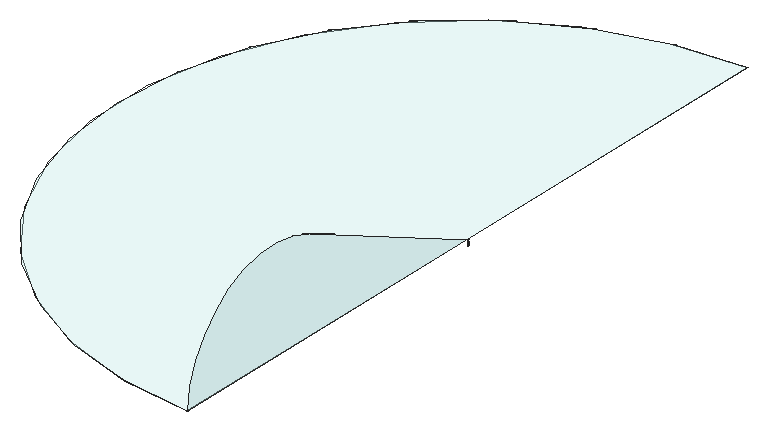
Revit family "Rotor 8005 Series - 8005NP", category Acessórios do tubo, Revit 2020
Family settings
  Cota do conector redondo = Utilizar diâmetro
  Tipo de parte = Normal
  Número OmniClass = 23.60.30.11.14
  Título OmniClass = Pipework Fittings
  Com base no plano de trabalho = Não
  Sempre na vertical = Sim
  Corte com vazios quando carregada = Não
  Compartilhado = Não
Parameters (values of type "Nozzle 20")
  Water = Water
  URL = "https://www.rainbird.com/"
  TABLE 90 = "TABLE 90psi"
  TABLE 80 = "TABLE 80psi"
  TABLE 70 = "TABLE 70psi"
  TABLE 60 = "TABLE 60psi"
  TABLE 50 = "TABLE 50psi"
  TABLE 100 = "TABLE 100psi"
  SupportProjetos: Reviw Date = ""  # constant formula
  SupportProjetos: Reviw = "R00"  # constant formula
  SupportProjetos: Level of Detail = "LOD 300"  # constant formula
  SupportProjetos: Developed = "MICHEL SOARES MOTA"  # constant formula
  SupportProjetos: Creation Date = "12/08/2020"  # constant formula
  Side inlet = no
  Rotation Water Visibility [instance] = Pop up on  # yes
  Rotation Angle [instance] = 180.00°
  RainBird: Product Link = "https://www.rainbird.com/"
  RainBird: Description = "8005-NP Rotor "  # constant formula
  RainBird: Comment [instance] = ""
  RainBird: Code = "B81100NP"  # constant formula
  Radius [instance] = if(and(Pressure = 50.0 psi, Instance < 13 ft), size_lookup(TABLE 50, "Radius", 0 ft, Instance), if(and(Pressure = 60.0 psi, Instance < 13 ft), size_lookup(TABLE 60, "Radius", 0 ft, Instance), if(and(Pressure = 70.0 psi, Instance < 13 ft), size_lookup(TABLE 70, "Radius", 0 ft, Instance), if(and(Pressure = 80.0 psi, Instance < 13 ft), size_lookup(TABLE 80, "Radius", 0 ft, Instance), if(and(Pressure = 90.0 psi, Instance > 4 ft), size_lookup(TABLE 90, "Radius", 0 ft, Instance), if(and(Pressure = 100.0 psi, Instance > 8 ft), size_lookup(TABLE 100, "Radius", 0 ft, Instance), 600 ft))))))  # 73 ft
  RT = 0.009893 ft
  RN = 0.032808 ft
  R5 = 0.03937 ft
  R4 = 0.04101 ft
  R3 = 0.065617 ft
  R2 = 0.075407 ft
  R1 = 0.032808 ft
  Pressure [instance] = 90.0 psi
  Pop up height = 0.417 ft  # constant formula
  Pop up on [instance] = yes
  Modelo = "8005NP"  # constant formula
  Instance = 9 ft
  H1 = Body height / 3  # 0.240667 ft
  Flow [instance] = if(and(Pressure = 50.0 psi, Instance < 13 ft), size_lookup(TABLE 50, "Flow", 0.0 GPM, Instance), if(and(Pressure = 60.0 psi, Instance < 13 ft), size_lookup(TABLE 60, "Flow", 0.0 GPM, Instance), if(and(Pressure = 70.0 psi, Instance < 13 ft), size_lookup(TABLE 70, "Flow", 0.0 GPM, Instance), if(and(Pressure = 80.0 psi, Instance < 13 ft), size_lookup(TABLE 80, "Flow", 0.0 GPM, Instance), if(and(Pressure = 90.0 psi, Instance > 4 ft), size_lookup(TABLE 90, "Flow", 0.0 GPM, Instance), if(and(Pressure = 100.0 psi, Instance > 8 ft), size_lookup(TABLE 100, "Flow", 0.0 GPM, Instance), 600.0 GPM))))))  # 25.3 GPM
  Fabricante = "Rain Bird"
  Elevação padrão = 0 ft
  Description = RainBird: Description  # "8005-NP Rotor "
  DD13 = 0.002625 ft
  DD12 = 0.003937 ft
  DD11 = 0.009897 ft
  DD10 = 0.016404 ft
  DD8 [instance] = if(Pop up on, Pop up height, 0 ft)  # 0.417 ft
  DD7 = 0.019685 ft
  DD6 [instance] = 0.016404 ft
  DD5 = 0.065617 ft
  DD4 = 0.032808 ft
  DD3 = 0.091048 ft
  DD2 [instance] = 0.024514 ft
  DD9 [instance] = if(Pop up on, Pop up height + 0.049541 ft, 0 ft)  # 0.466541 ft
  DD1 = 0.006562 ft
  Conection = 0.062664 ft  # constant formula
  Body height = 0.722 ft  # constant formula
  Blue = Blue Plastic
  Black Plastic = Black Plastic
  Angle = 25.00°
Types (13, lengths in ft): name | Radius | Pressure | Instance | Flow
  (no name) | 73 | 90.0 psi | 9 | 25.3 GPM
  Nozzle 4 | 39 | 80.0 psi | 1 | 5.0 GPM
  Nozzle 6 | 45 | 80.0 psi | 2 | 7.1 GPM
  Nozzle 8 | 49 | 80.0 psi | 3 | 9.8 GPM
  Nozzle 10 | 55 | 80.0 psi | 4 | 11.8 GPM
  Nozzle 12 | 61 | 80.0 psi | 5 | 14.2 GPM
  Tipo 14 | 63 | 80.0 psi | 6 | 16.4 GPM
  Nozzle 16 | 67 | 80.0 psi | 7 | 18.6 GPM
  Nozzle 18 | 71 | 90.0 psi | 8 | 22.2 GPM
  Nozzle 20 | 73 | 90.0 psi | 9 | 25.3 GPM
  Nozzle 22 | 75 | 90.0 psi | 10 | 29.1 GPM
  Nozzle 24 | 79 | 90.0 psi | 11 | 31.0 GPM
  Nozzle 26 | 79 | 90.0 psi | 12 | 33.7 GPM
Reference planes (ft)
  plane 1 "Centro (Frente/Trás)": y = 0
  plane 2: z = 0
  plane 3 "Centro (Esquerda/Direita)": x = 0
  plane 4: z = 0.003937
  plane 5: z = 0.002625
  plane 6: y = -0.065617
Forms (ft)
  Revolve 1, solid, material "Black Plastic" <- "Black Plastic"
    sketch origin (0, 0, 0) x (1, 0, 0) y (0, 0, 1)
      loop
        line (0.075407, -0.091048) -> (0.075407, -0.035324)
        arc (0.075407, -0.035324) -> (0.072509, -0.028329) -> (0.065514, -0.025431) r 0.009893
        line (0.065514, -0.025431) -> (0.046098, -0.025431) -> (0.046098, 0) -> (0.03937, 0) -> (0.03937, -0.417) -> (0.019685, -0.417) -> (0.019685, -0.715438) -> (0.032808, -0.715438) -> (0.032808, -0.722) -> (0.04101, -0.722) -> (0.04101, -0.715438) -> (0.055724, -0.715438)
        arc (0.055724, -0.715438) -> (0.062719, -0.712541) -> (0.065617, -0.705545) r 0.009893
        line (0.065617, -0.705545) -> (0.065617, -0.091048) -> (0.075407, -0.091048)
      axis (0, -0.722) -> (0, 0)
    angle from 0 to 360
  Extrusion 2, solid, material "Black Plastic" <- "Black Plastic"
    sketch origin (0, 0, 0) x (1, 0, 0) y (0, 1, 0)
      loop
        circle (0, 0) r 0.032808
    from -0.417 to 0.417
  Extrusion 3, void
    sketch origin (0, 0, 0) x (1, 0, 0) y (0, 1, 0)
      loop
        circle (0, 0) r 0.022844
    from -0.417 to 0.417
  Revolve 4, solid, material "Black Plastic" <- "Black Plastic"
    sketch origin (0, 0, 0) x (1, 0, 0) y (0, 0, 1)
      loop
        line (0, 0.417) -> (0.037004, 0.417) -> (0.037004, 0.426897)
        arc (0.037004, 0.426897) -> (0.01879, 0.43179) -> (0, 0.433404) r 0.10685
        line (0, 0.433404) -> (0, 0.417)
      axis (0, 0.417) -> (0, 0.433404)
    angle from 0 to 360
  Extrusion 5, solid, material "Blue Plastic" <- "Blue"
    sketch origin (0, 0, 0) x (1, 0, 0) y (0, 0, 1)
      loop
        circle (0, 0.392486) r 0.009129
      loop
        circle (0, 0.392486) r 0.004793
    from 0 to 0.034386
  Extrusion 6, void
    sketch origin (0, 0, 0) x (1, 0, 0) y (0, 0, 1)
      loop
        line (-0.02074, 0.328055) -> (-0.02074, 0.282426) -> (0.020672, 0.282426) -> (0.020672, 0.328055) -> (-0.02074, 0.328055)
      loop
        line (-0.018439, 0.325179) -> (-0.018439, 0.285685) -> (0.018179, 0.285685) -> (0.018179, 0.325179) -> (-0.018439, 0.325179)
    from 0.024556 to 0.06931
  Extrusion 7, solid, material "Black Plastic" <- "Black Plastic"
    sketch origin (0, 0, 0) x (1, 0, 0) y (0, 0, 1)
      loop
        line (0.046098, 0) -> (0.046098, -0.036876) -> (0.073493, -0.036876) -> (0.046098, 0)
    from -0.002998 to 0.002998
  Extrusion 8, solid, material "Black Plastic" <- "Black Plastic"
    sketch origin (0, 0, 0) x (-1, 0, 0) y (0, 0, -1)
      loop
        line (0.046098, 0) -> (0.073493, 0.036876) -> (0.046098, 0.036876) -> (0.046098, 0)
    from -0.002998 to 0.002998
  Extrusion 9, solid, material "Black Plastic" <- "Black Plastic"
    sketch origin (0, 0, 0) x (0.866025, 0.5, 0) y (0, 0, 1)
      loop
        line (0.046098, 0) -> (0.046098, -0.036876) -> (0.073493, -0.036876) -> (0.046098, 0)
    from -0.002998 to 0.002998
  Extrusion 10, solid, material "Black Plastic" <- "Black Plastic"
    sketch origin (0, 0, 0) x (-0.866025, -0.5, 0) y (0, 0, -1)
      loop
        line (0.046098, 0) -> (0.073493, 0.036876) -> (0.046098, 0.036876) -> (0.046098, 0)
    from -0.002998 to 0.002998
  Extrusion 11, solid, material "Black Plastic" <- "Black Plastic"
    sketch origin (0, 0, 0) x (0, 1, 0) y (0, 0, 1)
      loop
        line (0.046098, 0) -> (0.046098, -0.036876) -> (0.073493, -0.036876) -> (0.046098, 0)
    from -0.002998 to 0.002998
  Extrusion 12, solid, material "Black Plastic" <- "Black Plastic"
    sketch origin (0, 0, 0) x (0, -1, 0) y (0, 0, -1)
      loop
        line (0.046098, 0) -> (0.073493, 0.036876) -> (0.046098, 0.036876) -> (0.046098, 0)
    from -0.002998 to 0.002998
  Extrusion 13, solid, material "Black Plastic" <- "Black Plastic"
    sketch origin (0, 0, 0) x (0.5, 0.866025, 0) y (0, 0, 1)
      loop
        line (0.046098, 0) -> (0.046098, -0.036876) -> (0.073493, -0.036876) -> (0.046098, 0)
    from -0.002998 to 0.002998
  Extrusion 14, solid, material "Black Plastic" <- "Black Plastic"
    sketch origin (0, 0, 0) x (-0.5, -0.866025, 0) y (0, 0, -1)
      loop
        line (0.046098, 0) -> (0.073493, 0.036876) -> (0.046098, 0.036876) -> (0.046098, 0)
    from -0.002998 to 0.002998
  Extrusion 15, solid, material "Black Plastic" <- "Black Plastic"
    sketch origin (0, 0, 0) x (-0.5, 0.866025, 0) y (0, 0, 1)
      loop
        line (0.046098, 0) -> (0.046098, -0.036876) -> (0.073493, -0.036876) -> (0.046098, 0)
    from -0.002998 to 0.002998
  Extrusion 16, solid, material "Black Plastic" <- "Black Plastic"
    sketch origin (0, 0, 0) x (0.5, -0.866025, 0) y (0, 0, -1)
      loop
        line (0.046098, 0) -> (0.073493, 0.036876) -> (0.046098, 0.036876) -> (0.046098, 0)
    from -0.002998 to 0.002998
  Extrusion 17, solid, material "Black Plastic" <- "Black Plastic"
    sketch origin (0, 0, 0) x (-0.866025, 0.5, 0) y (0, 0, 1)
      loop
        line (0.046098, 0) -> (0.046098, -0.036876) -> (0.073493, -0.036876) -> (0.046098, 0)
    from -0.002998 to 0.002998
  Extrusion 18, solid, material "Black Plastic" <- "Black Plastic"
    sketch origin (0, 0, 0) x (0.866025, -0.5, 0) y (0, 0, -1)
      loop
        line (0.046098, 0) -> (0.073493, 0.036876) -> (0.046098, 0.036876) -> (0.046098, 0)
    from -0.002998 to 0.002998
  Extrusion 19, void
    sketch origin (0, 0, 0) x (1, 0, 0) y (0, 1, 0)
      loop
        line (-0.002998, 0.077702) -> (-0.002998, 0.071655) -> (0.002998, 0.071655) -> (0.002998, 0.077702) -> (-0.002998, 0.077702)
    from -0.091048 to 0.82021
  Extrusion 20, void
    sketch origin (0, 0, 0) x (1, 0, 0) y (0, 1, 0)
      loop
        line (0.002998, -0.077702) -> (0.002998, -0.071655) -> (-0.002998, -0.071655) -> (-0.002998, -0.077702) -> (0.002998, -0.077702)
    from -0.091048 to 0.82021
  Extrusion 21, void
    sketch origin (0, 0, 0) x (0.965926, 0.258819, 0) y (-0.258819, 0.965926, 0)
      loop
        line (-0.002998, 0.077702) -> (-0.002998, 0.071655) -> (0.002998, 0.071655) -> (0.002998, 0.077702) -> (-0.002998, 0.077702)
    from -0.091048 to 0.82021
  Extrusion 22, void
    sketch origin (0, 0, 0) x (0.965926, 0.258819, 0) y (-0.258819, 0.965926, 0)
      loop
        line (0.002998, -0.077702) -> (0.002998, -0.071655) -> (-0.002998, -0.071655) -> (-0.002998, -0.077702) -> (0.002998, -0.077702)
    from -0.091048 to 0.82021
  Extrusion 23, void
    sketch origin (0, 0, 0) x (0.866025, 0.5, 0) y (-0.5, 0.866025, 0)
      loop
        line (-0.002998, 0.077702) -> (-0.002998, 0.071655) -> (0.002998, 0.071655) -> (0.002998, 0.077702) -> (-0.002998, 0.077702)
    from -0.091048 to 0.82021
  Extrusion 24, void
    sketch origin (0, 0, 0) x (0.866025, 0.5, 0) y (-0.5, 0.866025, 0)
      loop
        line (0.002998, -0.077702) -> (0.002998, -0.071655) -> (-0.002998, -0.071655) -> (-0.002998, -0.077702) -> (0.002998, -0.077702)
    from -0.091048 to 0.82021
  Extrusion 25, void
    sketch origin (0, 0, 0) x (0.5, 0.866025, 0) y (-0.866025, 0.5, 0)
      loop
        line (-0.002998, 0.077702) -> (-0.002998, 0.071655) -> (0.002998, 0.071655) -> (0.002998, 0.077702) -> (-0.002998, 0.077702)
    from -0.091048 to 0.82021
  Extrusion 26, void
    sketch origin (0, 0, 0) x (0.5, 0.866025, 0) y (-0.866025, 0.5, 0)
      loop
        line (0.002998, -0.077702) -> (0.002998, -0.071655) -> (-0.002998, -0.071655) -> (-0.002998, -0.077702) -> (0.002998, -0.077702)
    from -0.091048 to 0.82021
  Extrusion 27, void
    sketch origin (0, 0, 0) x (0.707107, 0.707107, 0) y (-0.707107, 0.707107, 0)
      loop
        line (-0.002998, 0.077702) -> (-0.002998, 0.071655) -> (0.002998, 0.071655) -> (0.002998, 0.077702) -> (-0.002998, 0.077702)
    from -0.091048 to 0.82021
  Extrusion 28, void
    sketch origin (0, 0, 0) x (0.707107, 0.707107, 0) y (-0.707107, 0.707107, 0)
      loop
        line (0.002998, -0.077702) -> (0.002998, -0.071655) -> (-0.002998, -0.071655) -> (-0.002998, -0.077702) -> (0.002998, -0.077702)
    from -0.091048 to 0.82021
  Extrusion 29, void
    sketch origin (0, 0, 0) x (0.258819, 0.965926, 0) y (-0.965926, 0.258819, 0)
      loop
        line (-0.002998, 0.077702) -> (-0.002998, 0.071655) -> (0.002998, 0.071655) -> (0.002998, 0.077702) -> (-0.002998, 0.077702)
    from -0.091048 to 0.82021
  Extrusion 30, void
    sketch origin (0, 0, 0) x (0.258819, 0.965926, 0) y (-0.965926, 0.258819, 0)
      loop
        line (0.002998, -0.077702) -> (0.002998, -0.071655) -> (-0.002998, -0.071655) -> (-0.002998, -0.077702) -> (0.002998, -0.077702)
    from -0.091048 to 0.82021
  Extrusion 31, void
    sketch origin (0, 0, 0) x (0, 1, 0) y (-1, 0, 0)
      loop
        line (-0.002998, 0.077702) -> (-0.002998, 0.071655) -> (0.002998, 0.071655) -> (0.002998, 0.077702) -> (-0.002998, 0.077702)
    from -0.091048 to 0.82021
  Extrusion 32, void
    sketch origin (0, 0, 0) x (0, 1, 0) y (-1, 0, 0)
      loop
        line (0.002998, -0.077702) -> (0.002998, -0.071655) -> (-0.002998, -0.071655) -> (-0.002998, -0.077702) -> (0.002998, -0.077702)
    from -0.091048 to 0.82021
  Extrusion 33, void
    sketch origin (0, 0, 0) x (-0.258819, 0.965926, 0) y (-0.965926, -0.258819, 0)
      loop
        line (-0.002998, 0.077702) -> (-0.002998, 0.071655) -> (0.002998, 0.071655) -> (0.002998, 0.077702) -> (-0.002998, 0.077702)
    from -0.091048 to 0.82021
  Extrusion 34, void
    sketch origin (0, 0, 0) x (-0.258819, 0.965926, 0) y (-0.965926, -0.258819, 0)
      loop
        line (0.002998, -0.077702) -> (0.002998, -0.071655) -> (-0.002998, -0.071655) -> (-0.002998, -0.077702) -> (0.002998, -0.077702)
    from -0.091048 to 0.82021
  Extrusion 35, void
    sketch origin (0, 0, 0) x (-0.5, 0.866025, 0) y (-0.866025, -0.5, 0)
      loop
        line (-0.002998, 0.077702) -> (-0.002998, 0.071655) -> (0.002998, 0.071655) -> (0.002998, 0.077702) -> (-0.002998, 0.077702)
    from -0.091048 to 0.82021
  Extrusion 36, void
    sketch origin (0, 0, 0) x (-0.5, 0.866025, 0) y (-0.866025, -0.5, 0)
      loop
        line (0.002998, -0.077702) -> (0.002998, -0.071655) -> (-0.002998, -0.071655) -> (-0.002998, -0.077702) -> (0.002998, -0.077702)
    from -0.091048 to 0.82021
  Extrusion 37, void
    sketch origin (0, 0, 0) x (-0.707107, 0.707107, 0) y (-0.707107, -0.707107, 0)
      loop
        line (-0.002998, 0.077702) -> (-0.002998, 0.071655) -> (0.002998, 0.071655) -> (0.002998, 0.077702) -> (-0.002998, 0.077702)
    from -0.091048 to 0.82021
  Extrusion 38, void
    sketch origin (0, 0, 0) x (-0.707107, 0.707107, 0) y (-0.707107, -0.707107, 0)
      loop
        line (0.002998, -0.077702) -> (0.002998, -0.071655) -> (-0.002998, -0.071655) -> (-0.002998, -0.077702) -> (0.002998, -0.077702)
    from -0.091048 to 0.82021
  Extrusion 39, void
    sketch origin (0, 0, 0) x (-0.866025, 0.5, 0) y (-0.5, -0.866025, 0)
      loop
        line (-0.002998, 0.077702) -> (-0.002998, 0.071655) -> (0.002998, 0.071655) -> (0.002998, 0.077702) -> (-0.002998, 0.077702)
    from -0.091048 to 0.82021
  Extrusion 40, void
    sketch origin (0, 0, 0) x (-0.866025, 0.5, 0) y (-0.5, -0.866025, 0)
      loop
        line (0.002998, -0.077702) -> (0.002998, -0.071655) -> (-0.002998, -0.071655) -> (-0.002998, -0.077702) -> (0.002998, -0.077702)
    from -0.091048 to 0.82021
  Extrusion 41, void
    sketch origin (0, 0, 0) x (-0.965926, 0.258819, 0) y (-0.258819, -0.965926, 0)
      loop
        line (-0.002998, 0.077702) -> (-0.002998, 0.071655) -> (0.002998, 0.071655) -> (0.002998, 0.077702) -> (-0.002998, 0.077702)
    from -0.091048 to 0.82021
  Extrusion 42, void
    sketch origin (0, 0, 0) x (-0.965926, 0.258819, 0) y (-0.258819, -0.965926, 0)
      loop
        line (0.002998, -0.077702) -> (0.002998, -0.071655) -> (-0.002998, -0.071655) -> (-0.002998, -0.077702) -> (0.002998, -0.077702)
    from -0.091048 to 0.82021
  Extrusion 43, solid, material "Water" <- "Water", visible <- "Rotation Water Visibility"
    sketch origin (0, 0, 0) x (0, 1, 0) y (0, 0, 1)
      loop
        line (-0.032808, 0.392486) -> (-41.314762, 19.642577)
        arc (-41.314762, 19.642577) -> (-62.318922, 18.495086) -> (-73.032808, 0.392486) r 22.310372
        line (-73.032808, 0.392486) -> (-0.032808, 0.392486)
    from -0.008202 to 0.008202
Cuts and joins
  Extrusion 3, Extrusion 6 cuts Extrusion 2
  Extrusion 19, Extrusion 20, Extrusion 21, Extrusion 22, Extrusion 23, Extrusion 24, Extrusion 25, Extrusion 26, Extrusion 27, Extrusion 28, Extrusion 29, Extrusion 30, Extrusion 31, Extrusion 32, Extrusion 33, Extrusion 34, Extrusion 35, Extrusion 36, Extrusion 37, Extrusion 38, Extrusion 39, Extrusion 40, Extrusion 41, Extrusion 42 cuts Revolve 1
Dimensions and locks (ft)
  "Body height": level to Revolve 1 sketch curve
  "R2": Revolve 1 sketch curve to plane 3 "Centro (Esquerda/Direita)"
  "DD1": Revolve 1 sketch curve to Revolve 1 sketch curve
  "DD3": level to Revolve 1 sketch curve
  Revolve 1 sketch curve to plane 3 "Centro (Esquerda/Direita)" = 0.065617 ft
  "R4": Revolve 1 sketch curve to plane 3 "Centro (Esquerda/Direita)"
  "RN": Revolve 1 sketch curve to plane 3 "Centro (Esquerda/Direita)"
  "Pop up height": level to Revolve 1 sketch curve
  "R5": plane 3 "Centro (Esquerda/Direita)" to Revolve 1 sketch curve
  "DD7": Revolve 1 sketch curve to plane 3 "Centro (Esquerda/Direita)"
  "DD8": Extrusion 2 to level
  "DD12": plane 4 to level
  "DD13": plane 5 to level
  "R3": plane 6 to plane 1 "Centro (Frente/Trás)"
  "DD5": Revolve 1 sketch curve to Revolve 1 sketch curve
  "DD10": Revolve 4 sketch curve to Revolve 4 sketch curve
  "DD11": Revolve 4 sketch curve to Revolve 4 sketch curve
  "DD2": Revolve 4 to Extrusion 5 sketch curve  (x2)
  Extrusion 7 to plane 3 "Centro (Esquerda/Direita)" = 0.046098 ft
  equal spacing: Extrusion 7, plane 1 "Centro (Frente/Trás)", Extrusion 7
  Extrusion 8 to Extrusion 8 = 0.005995 ft
  Extrusion 9 to Extrusion 9 = 0.005995 ft
  Extrusion 20 sketch curve to Extrusion 20 sketch curve = 0.005995 ft
  Extrusion 22 sketch curve to Extrusion 22 sketch curve = 0.005995 ft
  Extrusion 24 sketch curve to Extrusion 24 sketch curve = 0.005995 ft
  Extrusion 26 sketch curve to Extrusion 26 sketch curve = 0.005995 ft
  Extrusion 28 sketch curve to Extrusion 28 sketch curve = 0.005995 ft
  Extrusion 30 sketch curve to Extrusion 30 sketch curve = 0.005995 ft
  Extrusion 32 sketch curve to Extrusion 32 sketch curve = 0.005995 ft
  Extrusion 34 sketch curve to Extrusion 34 sketch curve = 0.005995 ft
  Extrusion 36 sketch curve to Extrusion 36 sketch curve = 0.005995 ft
  Extrusion 38 sketch curve to Extrusion 38 sketch curve = 0.005995 ft
  Extrusion 40 sketch curve to Extrusion 40 sketch curve = 0.005995 ft
  Extrusion 42 sketch curve to Extrusion 42 sketch curve = 0.005995 ft
  "DD4": plane 1 "Centro (Frente/Trás)" to Extrusion 43 sketch curve
  "DD2": Revolve 4 to Extrusion 43 sketch curve
  "Radius": Extrusion 43 sketch curve to Extrusion 43 sketch curve
  equal spacing: Extrusion 43, plane 3 "Centro (Esquerda/Direita)", Extrusion 43
  "DD6": Extrusion 43 to Extrusion 43
  "DD2": Revolve 4 to nested 1
  "RT": radius of Revolve 1 sketch curve  (x2)
  "R1": radius of Extrusion 2 sketch curve
  "Angle": angle Extrusion 43 sketch curve to Extrusion 43 sketch curve
  aligned and locked: level to plane 2
  aligned and locked: Revolve 1 sketch curve to Revolve 1 sketch curve
  aligned and locked: Extrusion 2 to Revolve 1
  aligned and locked: cut or joined group of Extrusion 2, Extrusion 3, Extrusion 6 to cut or joined group of Extrusion 2, Extrusion 3, Extrusion 6  (x2)
  aligned and locked: Revolve 4 sketch curve to cut or joined group of Extrusion 2, Extrusion 3, Extrusion 6
  aligned and locked: Extrusion 20 to Revolve 1
  aligned and locked: Extrusion 22 to Revolve 1
  aligned and locked: Extrusion 24 to Revolve 1
  aligned and locked: Extrusion 28 to Revolve 1
  aligned and locked: Extrusion 26 to Revolve 1
  aligned and locked: Extrusion 30 to Revolve 1
  aligned and locked: Extrusion 32 to Revolve 1
  aligned and locked: Extrusion 34 to Revolve 1
  aligned and locked: Revolve 1 to Extrusion 36
  aligned and locked: Revolve 1 to Extrusion 38
  aligned and locked: Extrusion 41 to Revolve 1
  aligned and locked: Extrusion 39 to Revolve 1
  aligned and locked: Extrusion 37 to Revolve 1
  aligned and locked: Extrusion 35 to Revolve 1
  aligned and locked: Extrusion 33 to Revolve 1
  aligned and locked: Extrusion 31 to Revolve 1
  aligned and locked: Extrusion 29 to Revolve 1
  aligned and locked: Revolve 1 to Extrusion 25
  aligned and locked: Revolve 1 to Extrusion 27
  aligned and locked: Revolve 1 to Extrusion 19
  aligned and locked: Revolve 1 to Extrusion 21
  aligned and locked: Revolve 1 to Extrusion 42
  aligned and locked: Revolve 1 to Extrusion 40
  aligned and locked: Revolve 1 to Extrusion 23
Automatic sketch dimensions
  plane 1 "Centro (Frente/Trás)" to Extrusion 2 sketch curve = 0 ft
  Extrusion 2 sketch curve to plane 3 "Centro (Esquerda/Direita)" = 0 ft
  plane 1 "Centro (Frente/Trás)" to Extrusion 3 sketch curve = 0 ft
  Extrusion 3 sketch curve to plane 3 "Centro (Esquerda/Direita)" = 0 ft
  Revolve 4 sketch curve to plane 3 "Centro (Esquerda/Direita)" = 0 ft  (x2)
  plane 3 "Centro (Esquerda/Direita)" to Revolve 4 sketch curve = 0.000284 ft
  plane 3 "Centro (Esquerda/Direita)" to Revolve 4 sketch curve = 0.037004 ft
  Revolve 4 sketch curve to Revolve 4 sketch curve = 0.015719 ft
  Revolve 4 sketch curve to Revolve 4 sketch curve = 0.114829 ft
  Extrusion 5 sketch curve to Extrusion 5 sketch curve = 0 ft
  Extrusion 5 sketch curve to plane 3 "Centro (Esquerda/Direita)" = 0 ft
  Extrusion 6 sketch curve to plane 3 "Centro (Esquerda/Direita)" = 0.02074 ft
  Extrusion 6 sketch curve to Extrusion 6 sketch curve = 0.002301 ft
  plane 3 "Centro (Esquerda/Direita)" to Extrusion 6 sketch curve = 0.018179 ft
  Extrusion 6 sketch curve to Extrusion 6 sketch curve = 0.002492 ft
  plane 4 to Extrusion 6 sketch curve = 0.278489 ft
  Extrusion 6 sketch curve to Extrusion 6 sketch curve = 0.003259 ft
  Extrusion 6 sketch curve to Extrusion 6 sketch curve = 0.039494 ft
  Extrusion 6 sketch curve to Extrusion 6 sketch curve = 0.002876 ft
  Extrusion 7 sketch curve to level = 0 ft
  plane 3 "Centro (Esquerda/Direita)" to Extrusion 7 sketch curve = 0.046098 ft
  Extrusion 7 sketch curve to Extrusion 7 sketch curve = 0.027396 ft
  Extrusion 7 sketch curve to Extrusion 7 sketch curve = 0.036876 ft
  Extrusion 8 sketch curve to level = 0 ft
  plane 3 "Centro (Esquerda/Direita)" to Extrusion 8 sketch curve = 0.046098 ft
  Extrusion 8 sketch curve to Extrusion 8 sketch curve = 0.027396 ft
  Extrusion 8 sketch curve to Extrusion 8 sketch curve = 0.036876 ft
  Extrusion 9 sketch curve to level = 0 ft
  Extrusion 9 sketch curve to level = 0.036876 ft
  Extrusion 9 sketch curve to Extrusion 9 sketch curve = 0.027396 ft
  Extrusion 10 sketch curve to level = 0 ft
  Extrusion 10 sketch curve to level = 0.036876 ft
  Extrusion 10 sketch curve to Extrusion 10 sketch curve = 0.027396 ft
  Extrusion 11 sketch curve to level = 0 ft
  Extrusion 11 sketch curve to plane 1 "Centro (Frente/Trás)" = 0.046098 ft
  Extrusion 11 sketch curve to Extrusion 11 sketch curve = 0.027396 ft
  Extrusion 11 sketch curve to Extrusion 11 sketch curve = 0.036876 ft
  Extrusion 12 sketch curve to level = 0 ft
  plane 6 to Extrusion 12 sketch curve = 0.019519 ft
  Extrusion 12 sketch curve to plane 6 = 0.007877 ft
  Extrusion 12 sketch curve to level = 0.036876 ft
  Extrusion 13 sketch curve to level = 0 ft
  Extrusion 13 sketch curve to level = 0.036876 ft
  Extrusion 13 sketch curve to Extrusion 13 sketch curve = 0.027396 ft
  Extrusion 14 sketch curve to level = 0 ft
  Extrusion 14 sketch curve to level = 0.036876 ft
  Extrusion 14 sketch curve to Extrusion 14 sketch curve = 0.027396 ft
  level to Extrusion 15 sketch curve = 0 ft
  Extrusion 15 sketch curve to level = 0.036876 ft
  Extrusion 15 sketch curve to Extrusion 15 sketch curve = 0.027396 ft
  level to Extrusion 16 sketch curve = 0 ft
  Extrusion 16 sketch curve to level = 0.036876 ft
  Extrusion 16 sketch curve to Extrusion 16 sketch curve = 0.027396 ft
  level to Extrusion 17 sketch curve = 0 ft
  Extrusion 17 sketch curve to level = 0.036876 ft
  Extrusion 17 sketch curve to Extrusion 17 sketch curve = 0.027396 ft
  level to Extrusion 18 sketch curve = 0 ft
  Extrusion 18 sketch curve to level = 0.036876 ft
  Extrusion 18 sketch curve to Extrusion 18 sketch curve = 0.027396 ft
  Extrusion 19 sketch curve to plane 3 "Centro (Esquerda/Direita)" = 0.002998 ft
  Extrusion 19 sketch curve to plane 1 "Centro (Frente/Trás)" = 0.071655 ft
  Extrusion 19 sketch curve to Extrusion 19 sketch curve = 0.006047 ft
  plane 3 "Centro (Esquerda/Direita)" to Extrusion 20 sketch curve = 0.002998 ft
  plane 6 to Extrusion 20 sketch curve = 0.006038 ft
  Extrusion 20 sketch curve to Extrusion 20 sketch curve = 0.006047 ft
  plane 3 "Centro (Esquerda/Direita)" to Extrusion 19 sketch curve = 0.002998 ft
  Extrusion 21 sketch curve to plane 3 "Centro (Esquerda/Direita)" = 0.021441 ft
  Extrusion 21 sketch curve to plane 1 "Centro (Frente/Trás)" = 0.068438 ft
  Extrusion 21 sketch curve to Extrusion 21 sketch curve = 0.005995 ft
  Extrusion 21 sketch curve to Extrusion 21 sketch curve = 0.006047 ft
  Extrusion 22 sketch curve to plane 6 = 0.010213 ft
  plane 3 "Centro (Esquerda/Direita)" to Extrusion 22 sketch curve = 0.017215 ft
  Extrusion 22 sketch curve to Extrusion 22 sketch curve = 0.006047 ft
  Extrusion 23 sketch curve to plane 3 "Centro (Esquerda/Direita)" = 0.038424 ft
  Extrusion 23 sketch curve to plane 1 "Centro (Frente/Trás)" = 0.060556 ft
  Extrusion 23 sketch curve to Extrusion 23 sketch curve = 0.005995 ft
  Extrusion 23 sketch curve to Extrusion 23 sketch curve = 0.006047 ft
  Extrusion 24 sketch curve to plane 6 = 0.003174 ft
  plane 3 "Centro (Esquerda/Direita)" to Extrusion 24 sketch curve = 0.036255 ft
  Extrusion 24 sketch curve to Extrusion 24 sketch curve = 0.006047 ft
  Extrusion 25 sketch curve to plane 1 "Centro (Frente/Trás)" = 0.033231 ft
  Extrusion 25 sketch curve to plane 3 "Centro (Esquerda/Direita)" = 0.063554 ft
  Extrusion 25 sketch curve to Extrusion 25 sketch curve = 0.005995 ft
  Extrusion 25 sketch curve to Extrusion 25 sketch curve = 0.006047 ft
  Extrusion 26 sketch curve to plane 6 = 0.02417 ft
  Extrusion 26 sketch curve to plane 3 "Centro (Esquerda/Direita)" = 0.065793 ft
  Extrusion 26 sketch curve to Extrusion 26 sketch curve = 0.006047 ft
  Extrusion 27 sketch curve to plane 1 "Centro (Frente/Trás)" = 0.048548 ft
  Extrusion 27 sketch curve to plane 3 "Centro (Esquerda/Direita)" = 0.052787 ft
  Extrusion 27 sketch curve to Extrusion 27 sketch curve = 0.005995 ft
  Extrusion 27 sketch curve to Extrusion 27 sketch curve = 0.006047 ft
  plane 6 to Extrusion 28 sketch curve = 0.008554 ft
  plane 3 "Centro (Esquerda/Direita)" to Extrusion 28 sketch curve = 0.052824 ft
  Extrusion 28 sketch curve to Extrusion 28 sketch curve = 0.006047 ft
  Extrusion 29 sketch curve to plane 1 "Centro (Frente/Trás)" = 0.01565 ft
  Extrusion 29 sketch curve to plane 3 "Centro (Esquerda/Direita)" = 0.069989 ft
  Extrusion 29 sketch curve to Extrusion 29 sketch curve = 0.005995 ft
  Extrusion 29 sketch curve to Extrusion 29 sketch curve = 0.006047 ft
  plane 1 "Centro (Frente/Trás)" to Extrusion 30 sketch curve = 0.023006 ft
  plane 3 "Centro (Esquerda/Direita)" to Extrusion 30 sketch curve = 0.074278 ft
  Extrusion 30 sketch curve to Extrusion 30 sketch curve = 0.006047 ft
  plane 1 "Centro (Frente/Trás)" to Extrusion 31 sketch curve = 0.002998 ft
  Extrusion 31 sketch curve to plane 1 "Centro (Frente/Trás)" = 0.002998 ft
  Extrusion 31 sketch curve to plane 3 "Centro (Esquerda/Direita)" = 0.071655 ft
  Extrusion 31 sketch curve to Extrusion 31 sketch curve = 0.006047 ft
  plane 1 "Centro (Frente/Trás)" to Extrusion 32 sketch curve = 0.002998 ft
  plane 3 "Centro (Esquerda/Direita)" to Extrusion 32 sketch curve = 0.077702 ft
  Extrusion 32 sketch curve to Extrusion 32 sketch curve = 0.006047 ft
  plane 1 "Centro (Frente/Trás)" to Extrusion 33 sketch curve = 0.021441 ft
  Extrusion 33 sketch curve to plane 3 "Centro (Esquerda/Direita)" = 0.068438 ft
  Extrusion 33 sketch curve to Extrusion 33 sketch curve = 0.005995 ft
  Extrusion 33 sketch curve to Extrusion 33 sketch curve = 0.006047 ft
  Extrusion 34 sketch curve to plane 1 "Centro (Frente/Trás)" = 0.017215 ft
  plane 3 "Centro (Esquerda/Direita)" to Extrusion 34 sketch curve = 0.07583 ft
  Extrusion 34 sketch curve to Extrusion 34 sketch curve = 0.006047 ft
  plane 6 to Extrusion 35 sketch curve = 0.027193 ft
  Extrusion 35 sketch curve to plane 3 "Centro (Esquerda/Direita)" = 0.060556 ft
  Extrusion 35 sketch curve to Extrusion 35 sketch curve = 0.005995 ft
  Extrusion 35 sketch curve to Extrusion 35 sketch curve = 0.006047 ft
  Extrusion 36 sketch curve to plane 1 "Centro (Frente/Trás)" = 0.036255 ft
  plane 3 "Centro (Esquerda/Direita)" to Extrusion 36 sketch curve = 0.068791 ft
  Extrusion 36 sketch curve to Extrusion 36 sketch curve = 0.006047 ft
  plane 6 to Extrusion 37 sketch curve = 0.012829 ft
  Extrusion 37 sketch curve to plane 3 "Centro (Esquerda/Direita)" = 0.048548 ft
  Extrusion 37 sketch curve to Extrusion 37 sketch curve = 0.005995 ft
  Extrusion 37 sketch curve to Extrusion 37 sketch curve = 0.006047 ft
  Extrusion 38 sketch curve to plane 1 "Centro (Frente/Trás)" = 0.052824 ft
  plane 3 "Centro (Esquerda/Direita)" to Extrusion 38 sketch curve = 0.057063 ft
  Extrusion 38 sketch curve to Extrusion 38 sketch curve = 0.006047 ft
  plane 6 to Extrusion 39 sketch curve = 0.002063 ft
  Extrusion 39 sketch curve to plane 3 "Centro (Esquerda/Direita)" = 0.033231 ft
  Extrusion 39 sketch curve to Extrusion 39 sketch curve = 0.005995 ft
  Extrusion 39 sketch curve to Extrusion 39 sketch curve = 0.006047 ft
  plane 3 "Centro (Esquerda/Direita)" to Extrusion 40 sketch curve = 0.041447 ft
  Extrusion 40 sketch curve to plane 1 "Centro (Frente/Trás)" = 0.065793 ft
  Extrusion 40 sketch curve to Extrusion 40 sketch curve = 0.006047 ft
  Extrusion 41 sketch curve to plane 6 = 0.004372 ft
  Extrusion 41 sketch curve to plane 3 "Centro (Esquerda/Direita)" = 0.01565 ft
  Extrusion 41 sketch curve to Extrusion 41 sketch curve = 0.005995 ft
  Extrusion 41 sketch curve to Extrusion 41 sketch curve = 0.006047 ft
  plane 3 "Centro (Esquerda/Direita)" to Extrusion 42 sketch curve = 0.023006 ft
  Extrusion 42 sketch curve to plane 1 "Centro (Frente/Trás)" = 0.074278 ft
  Extrusion 42 sketch curve to Extrusion 42 sketch curve = 0.006047 ft
  Revolve 1 sketch curve to plane 3 "Centro (Esquerda/Direita)" = 0 ft
  Revolve 1 sketch curve to level = 0 ft
  Revolve 1 sketch curve to Revolve 1 sketch curve = 0.019416 ft
  plane 4 to Revolve 1 sketch curve = 0.079347 ft
  Revolve 1 sketch curve to Revolve 1 sketch curve = 0.918635 ft
  Extrusion 43 sketch curve to level = 0.577487 ft
  radius of Extrusion 3 sketch curve = 0.022844 ft
  radius of Extrusion 5 sketch curve = 0.009129 ft
  radius of Extrusion 5 sketch curve = 0.004793 ft
Nested families (ft)
  nested 1: "Water" at (-0.000025, 0, 0.273228) x (0, -1, 0) z (0, 0, 1), DT9 <- "DD4", Radius <- "Radius", visible <- "Rotation Water Visibility", Rotation Angle <- "Rotation Angle", type "Water"
    with Rotation Angle 180.00°, Radius 73 ft, DT9 0.032808 ft, DT8 0 ft, DT7 292 ft, DT4 365 ft, Angle 2 180.00°
Connectors (ft)
  piping at (0, 0, -0.722), diameter 2
    settings: on cut or joined group of Revolve 1, Extrusion 19, Extrusion 20, Extrusion 21, Extrusion 22, Extrusion 23, Extrusion 24, Extrusion 25, Extrusion 26, Extrusion 27, Extrusion 28, Extrusion 29, Extrusion 30, Extrusion 31, Extrusion 32, Extrusion 33, Extrusion 34, Extrusion 35, Extrusion 36, Extrusion 37, Extrusion 38, Extrusion 39, Extrusion 40, Extrusion 41, Extrusion 42, index 1, connector inside diameter 609.6 mm, connector length 0 ft, flow factor 0, pipe flow 0.0 GPM, pressure drop 0.0 psi, fitting loss kfactor 0, connector angle 0.00°, fixture units 0, engagement length 0 ft, angle of deflection 0.00°, flow configuration 0, flow direction 0, fitting loss method 0, system type 28, joint type 0, gender type 0, connector reference index -1, connector utility 0, adjustable connector no, is connector primary yes, connector description ""
Definition of nested family "Water"
  Parameters (values of type "Water")
    Water Visibility (Circle) = yes
    Water = none
    URL = ""
    SupportProjetos: Reviw Date = ""  # constant formula
    SupportProjetos: Level of Detail = "LOD 300"  # constant formula
    SupportProjetos: Developed = "MICHEL SOARES MOTA"  # constant formula
    SupportProjetos: Creation Date = "16/07/2020"  # constant formula
    Rotation Angle [instance] = 90.00°
    Reviw = "R00"  # constant formula
    Radius [instance] = 14 ft
    Model = ""
    Default Elevation = 4 ft
    Description = ""
    DT9 [instance] = 0.032808 ft
    DT8 [instance] = if(Rotation Angle = 360.00°, 10 ft, 0 ft)  # 0 ft
    DT7 [instance] = 4 * Radius  # 56 ft
    DT4 [instance] = 5 * Radius  # 70 ft
    DT2 = 0.098425 ft  # constant formula
    DT6 = 0 ft
    Angle 2 [instance] = if(Rotation Angle = 360.00°, 180.00°, 360.00° - Rotation Angle)  # 270.00°
  Reference planes (ft)
    plane 1 "Centro (Frente/Trás)": y = 0
    plane 2: z = 0
    plane 3 "Centro (Esquerda/Direita)": x = 0
  Forms (ft)
    Revolve 1, solid, material <- "Water", visible <- "Water Visibility (Circle)"
      sketch origin (0, 0, 0) x (1, 0, 0) y (0, 0, 1)
        loop
          line (0.032808, 0.098425) -> (14.032808, 0.098425) -> (14.032808, 0.119259) -> (0.032808, 0.119259) -> (0.032808, 0.098425)
        axis (0, 0.098425) -> (0, 0.119259)
      angle from 0 to 360
    Extrusion 2, void
      sketch origin (0, 0, 0) x (1, 0, 0) y (0, 1, 0)
        loop
          line (0, 0) -> (70, 0) -> (70, 56)
          arc (70, 56) -> (-70.459018, 51.588344) -> (0, -70) r 81.847109
          line (0, -70) -> (0, 0)
      from 0 to 15.189231
  Cuts and joins
    Extrusion 2 cuts Revolve 1
  Dimensions and locks (ft)
    "DT2": Revolve 1 sketch curve to level
    "DT4": Extrusion 2 sketch curve to Extrusion 2 sketch curve  (x2)
    "DT6": Extrusion 2 sketch curve to plane 3 "Centro (Esquerda/Direita)"
    "DT7": Extrusion 2 sketch curve to Extrusion 2 sketch curve
    "DT8": cut or joined group of Revolve 1, Extrusion 2 to level
    "Radius": Revolve 1 sketch curve to Revolve 1 sketch curve
    "DT9": Revolve 1 sketch curve to plane 3 "Centro (Esquerda/Direita)"
    "Angle 2": angle Extrusion 2 sketch curve to Extrusion 2 sketch curve
    aligned and locked: level to plane 2
    aligned and locked: plane 1 "Centro (Frente/Trás)" to Extrusion 2 sketch curve
  Automatic sketch dimensions
    plane 3 "Centro (Esquerda/Direita)" to Extrusion 2 sketch curve = 1.088227 ft
    Revolve 1 sketch curve to plane 3 "Centro (Esquerda/Direita)" = 0 ft
    Revolve 1 sketch curve to Revolve 1 sketch curve = 0.020833 ft
    Revolve 1 sketch curve to Revolve 1 sketch curve = 0.032113 ft
    Revolve 1 sketch curve to Revolve 1 sketch curve = 10.2693 ft
